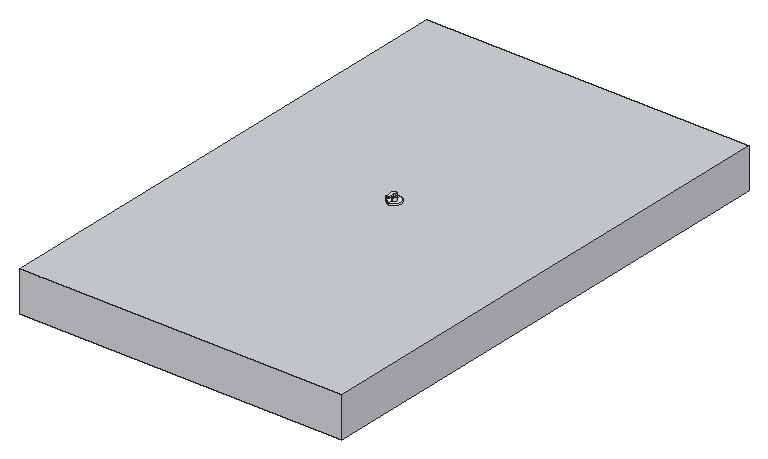
Revit family "Diverter-GROHE-Eurosmart-19972_Series", category Plumbing Fixtures, host Face, Revit 2014
Parameters (values of type "19972002")
  Width = 4"  # constant formula
  Waste Connection = no
  Warranty Documentation Link = "https://cdn.cloud.grohe.com/tpi/1000/1900/1940/1949/1949006/original/1949006.pdf"
  WFU = 4  # constant formula
  Vent Connection = no
  URL = "https://www.grohe.us/"
  Type Comments = ""
  Tempered Connection Radius = Tempered Connection Diameter / 2  # 1/4"
  Tempered Connection Diameter = Hot Water Connection Diameter  # 1/2"
  Product Page URL = "https://www.grohe.us/en_us/eurosmart-5-port-diverter-trim-19972002.html"
  Price = "Prices may vary. Please consult Manufacturer Representative for most up-to-date price list."  # constant formula
  Model = "19972002"
  Material = "Metal-Grohe-002-Chrome"
  Manufacturer = "Grohe"
  Length = 2"  # constant formula
  Installation Type = "Wall Mounted"
  Hot Water Connection Radius = Hot Water Connection Diameter / 2  # 1/4"
  Hot Water Connection Diameter = Cold Water Connection Diameter  # 1/2"
  Height = 40"
  HWFU = 3  # constant formula
  HW Connection = yes
  Flow Rate = ""
  Finish = Metal-Grohe-002-Chrome
  Description = "Eurosmart 5-Port Diverter Trim"  # constant formula
  Default Elevation = 44"  # constant formula
  Creation Date = "06/29/2017"  # constant formula
  Cold Water Connection Radius = 1/4"  # constant formula
  Cold Water Connection Diameter = Cold Water Connection Radius * 2  # 1/2"
  CWFU = 3  # constant formula
  CW Connection = yes
  Assembly Code = "D2010710"
  ADA Compliant = yes
Types (2): name | Product Page URL | Model | Material | Finish
  19972002 | "https://www.grohe.us/en_us/eurosmart-5-port-diverter-trim-19972002.html" | "19972002" | "Metal-Grohe-002-Chrome" | Metal-Grohe-002-Chrome
  19972EN2 | "https://www.grohe.us/en_us/5-port-diverter-trim-19972EN2.html" | "19972EN2" | "Metal-Grohe-EN2-Brushed Nickel" | Metal-Grohe-EN2-Brushed Nickel
Reference planes (in)
  plane 1 "Center (Front/Back)": y = 0
  plane 2: z = 0
  plane 3 "Center (Left/Right)": x = 0
  plane 4: y = 40
  plane 5: y = -18
  plane 6: y = -39
  plane 7: x = -1.21875
  plane 8: x = 1.21875
  plane 9: x = -3.34375
  plane 10: x = 3.34375
  plane 11: z = 3.125
  plane 12: z = -0.17106
  plane 13: y = 3.34375
  plane 14: y = -3.90625
  plane 15: y = 2.375
  plane 16: y = 2
Forms (in)
  Extrusion 1, solid
    sketch origin (0, 0, 0) x (1, 0, 0) y (0, 1, 0)
      loop
        line (-48, 72) -> (-48, -79.70833) -> (48, -79.70833) -> (48, 72) -> (-48, 72)
    from 0 to -12
  Revolve 2, solid, material "Metal-Grohe-002-Chrome" <- "Finish"
    sketch origin (0, 0, 0) x (0, 1, 0) y (0, 0, 1)
      loop
        line (2, -0.00183) -> (2, 0.31734) -> (0.61484, 0.31734) -> (0.61484, 1.31894) -> (0.5352, 1.39859) -> (0.59253, 1.39859)
        arc (0.59253, 1.39859) -> (0.60831, 1.40512) -> (0.61484, 1.4209) r 0.02232
        line (0.61484, 1.4209) -> (0.61484, 2.69857) -> (0, 2.69857) -> (0, -0.00183) -> (2, -0.00183)
      axis (0, 2.69857) -> (0, -0.00183)
    angle from 0 to 360
  Extrusion 3, solid, material "Metal-Grohe-002-Chrome" <- "Finish"
    sketch origin (0, 0, 0) x (1, 0, 0) y (0, 1, 0)
      loop
        arc (0.50149, -0.35573) -> (0, 0.61484) -> (-0.50149, -0.35573) r 0.61484
        arc (-0.50149, -0.35573) -> (-0.49117, -0.37378) -> (-0.48454, -0.39349) r 0.10668
        arc (-0.48454, -0.39349) -> (-0.42001, -0.76325) -> (-0.39555, -1.1378) r 3.49112
        arc (-0.39555, -1.1378) -> (-0.39145, -1.86215) -> (-0.39573, -2.58649) r 62.64076
        arc (-0.39573, -2.58649) -> (-0.37739, -2.65816) -> (-0.32564, -2.71101) r 0.14269
        arc (-0.32564, -2.71101) -> (-0.00001, -2.80006) -> (0.32565, -2.71114) r 0.64036
        arc (0.32565, -2.71114) -> (0.37738, -2.65818) -> (0.39573, -2.58649) r 0.14269
        arc (0.39573, -2.58649) -> (0.39145, -1.86215) -> (0.39555, -1.1378) r 62.64076
        arc (0.39555, -1.1378) -> (0.42001, -0.76325) -> (0.48454, -0.39349) r 3.49112
        arc (0.48454, -0.39349) -> (0.49117, -0.37378) -> (0.50149, -0.35573) r 0.10668
    from 1.82763 to 2.56696
  Extrusion 4, void
    sketch origin (0, 0, 0) x (0, 1, 0) y (0, 0, 1)
      loop
        line (0.72398, 2.09211) -> (0.72398, 2.99229) -> (-2.82247, 2.99229) -> (-2.82247, 2.29111)
        arc (-2.82247, 2.29111) -> (-2.70037, 2.31808) -> (-2.57706, 2.33881) r 2.46311
        arc (-2.57706, 2.33881) -> (-0.91318, 2.39426) -> (0.72398, 2.09211) r 7.72917
    from -0.78174 to 0.87182
  Extrusion 5, void
    sketch origin (0, 0, 0) x (0, 1, 0) y (0, 0, 1)
      loop
        arc (-0.3282, 1.6981) -> (-0.55898, 1.92592) -> (-0.85105, 2.06682) r 0.98879
        arc (-0.85105, 2.06682) -> (-1.05573, 2.11367) -> (-1.26453, 2.13579) r 1.75839
        arc (-1.26453, 2.13579) -> (-1.56352, 2.14264) -> (-1.86251, 2.13579) r 6.53101
        arc (-1.86251, 2.13579) -> (-2.11211, 2.12134) -> (-2.3613, 2.10091) r 10.41023
        arc (-2.3613, 2.10091) -> (-2.45008, 2.10372) -> (-2.53539, 2.12848) r 0.35496
        arc (-2.53539, 2.12848) -> (-2.69225, 2.19406) -> (-2.85065, 2.25586) r 7.07934
        line (-2.85065, 2.25586) -> (-2.85065, 1.6981) -> (-0.3282, 1.6981)
    from -0.78174 to 0.87182
Cuts and joins
  Extrusion 4 cuts Revolve 2
  Extrusion 4, Extrusion 5 cuts Extrusion 3
  joined: Revolve 2, Extrusion 3
Lines and regions (in)
  Masking region 1
    outline origin (0, 0, 0) x (1, 0, 0) y (0, 0, 1)
      loop
        line (0.61484, 0.31734) -> (0.61484, 1.31894) -> (0.5352, 1.39859) -> (0.59334, 1.39859)
        arc (0.59334, 1.39859) -> (0.60854, 1.40489) -> (0.61484, 1.4201) r 0.02151
        line (0.61484, 1.4201) -> (0.61484, 2.27563)
        arc (0.61484, 2.27563) -> (0.59439, 2.29953) -> (0.56625, 2.31359) r 0.07923
        arc (0.56625, 2.31359) -> (0.52851, 2.3259) -> (0.48998, 2.33546) r 0.55351
        arc (0.48998, 2.33546) -> (0.43949, 2.36733) -> (0.39555, 2.40776) r 0.3309
        line (0.39555, 2.40776) -> (-0.39555, 2.40776)
        arc (-0.39555, 2.40776) -> (-0.43949, 2.36733) -> (-0.48998, 2.33546) r 0.3309
        arc (-0.48998, 2.33546) -> (-0.52851, 2.3259) -> (-0.56625, 2.31359) r 0.55351
        arc (-0.56625, 2.31359) -> (-0.59439, 2.29953) -> (-0.61484, 2.27563) r 0.07923
        line (-0.61484, 2.27563) -> (-0.61484, 1.4201)
        arc (-0.61484, 1.4201) -> (-0.60854, 1.40489) -> (-0.59334, 1.39859) r 0.02151
        line (-0.59334, 1.39859) -> (-0.5352, 1.39859) -> (-0.61484, 1.31894) -> (-0.61484, 0.31734) -> (-2.00536, 0.31734) -> (-2.00536, 0) -> (2.00536, 0) -> (2.00536, 0.31734) -> (0.61484, 0.31734)
  symbolic lines, detail levels medium+fine
    curve 1: line (0.61484, 0, 0.31734) -> (-0.61484, 0, 0.31734)
  symbolic lines, detail levels fine
    curve 2: line (0.61484, 0, 1.31894) -> (-0.61484, 0, 1.31894)
    curve 3: line (0.5352, 0, 1.39859) -> (-0.5352, 0, 1.39859)
    curve 4: arc (0.61484, 0, 2.27563) -> (0.59092, 0, 2.23996) -> (0.55526, 0, 2.21604) r 0.11107
    curve 5: arc (0.55526, 0, 2.21604) -> (0.43961, 0, 2.17542) -> (0.32001, 0, 2.14858) r 1.04783
    curve 6: arc (0.32001, 0, 2.14858) -> (0.21526, 0, 2.13452) -> (0.10988, 0, 2.1265) r 1.83865
    curve 7: arc (-0.61484, 0, 2.27563) -> (-0.59092, 0, 2.23996) -> (-0.55526, 0, 2.21604) r 0.11107
    curve 8: arc (-0.55526, 0, 2.21604) -> (-0.43961, 0, 2.17542) -> (-0.32001, 0, 2.14858) r 1.04783
    curve 9: arc (-0.32001, 0, 2.14858) -> (-0.21526, 0, 2.13452) -> (-0.10988, 0, 2.1265) r 1.83865
    curve 10: arc (0.10988, 0, 2.1265) -> (0, 0, 2.12161) -> (-0.10988, 0, 2.1265) r 1.23835
Dimensions and locks (in)
  plane 1 "Center (Front/Back)" to plane 5 = 18"
  plane 5 to plane 6 = 21"
  plane 1 "Center (Front/Back)" to plane 4 = 40"
  level to plane 12 = 0.17106"
  plane 13 to plane 14 = 7 1/4"
  plane 16 to plane 1 "Center (Front/Back)" = 2"
  aligned and locked: plane 2 to Extrusion 1
  aligned and locked: level to Extrusion 1
Connectors (in)
  piping at (0, 0, -0.00183), diameter 0.5, driven by "Tempered Connection Diameter"
    settings: on cut or joined group of Revolve 2, Extrusion 3, Extrusion 4, Extrusion 5, index 1, connector inside diameter 24", connector length 0", flow factor 0, pipe flow 0 GPM, pressure drop 0.00 psi, fitting loss kfactor 0, connector angle 0.00°, fixture units 0, engagement length 0", angle of deflection 0.00°, flow configuration 0, flow direction 1, fitting loss method 0, system type 29, joint type 0, gender type 0, connector reference index -1, connector utility 0, adjustable connector no, is connector primary yes, connector description "1/2\" NPT Supply Inlet"
